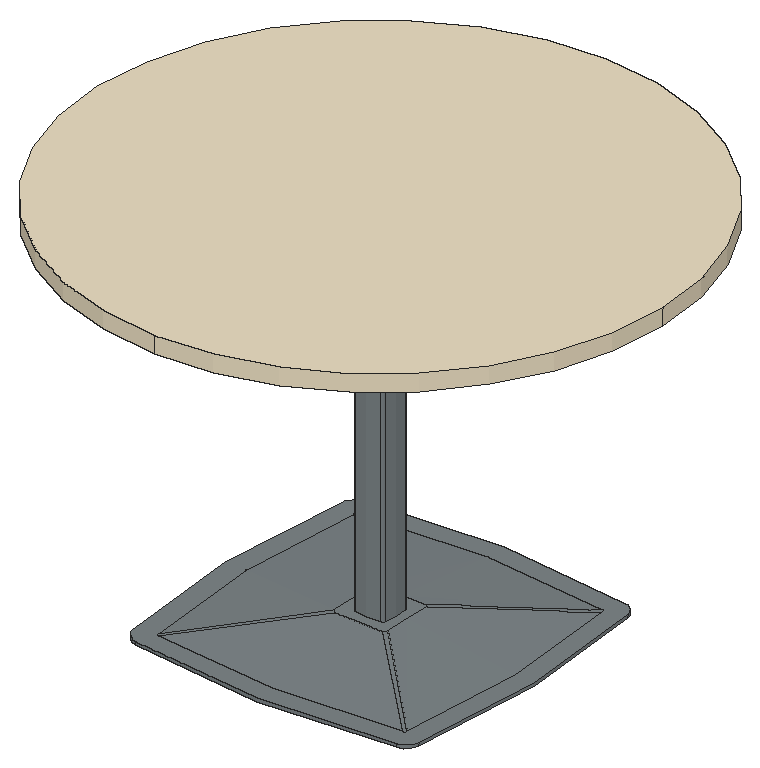
Revit family "FU_Table_Sandler_512-AX", category Furniture, Revit 2020
Family settings
  OmniClass Number = 23.40.20.00
  OmniClass Title = General Furniture and Specialties
  Work Plane-Based = No
  Always vertical = Yes
  Cut with Voids When Loaded = No
  Shared = No
  Room Calculation Point = No
Parameters (values of type "512 AX - 44" Round Top (110cm)")
  Width = 600 mm
  URL = "https://www.sandlerseating.com/product/512-ax/"
  Top Size = FU_TableTops_MT Rnd : 44" Round (110cm)
  Top Elevation = Height  # 720 mm
  Top Finish [instance] = Wood - Beech - Honey Stained
  Model = "512 AX"
  Manufacturer = "Sandler"
  Height = 720 mm
  Frame Finish [instance] = Metal - Paint -AL VR - Anthracite Grey
  Description = "Table base. Available in powdercoat painted finishes. Optional upcharge for outdoor version with galvanized-treated frame and adjustable feet.\r\nOptional upcharge for outdoor version with galvanized-treated frame and adjustable feet."
  Depth = Width  # 600 mm
  Default Elevation = 0 mm
Types (6, lengths in mm): name | Top Size | Top Finish | Frame Finish | Description
  (no name) | FU_TableTops_MT Rnd : 44" Round (110cm) | Wood - Beech - Honey Stained | Metal - Paint -AL VR - Anthracite Grey | "Table base. Available in powdercoat painted finishes. Optional upcharge for outdoor version with galvanized-treated frame and adjustable feet.\r\nOptional upcharge for outdoor version with galvanized-treated frame and adjustable feet."
  512 AX - 44" Round Top (110cm) | FU_TableTops_MT Rnd : 44" Round (110cm) | Wood - Beech - Honey Stained | Metal - Paint -AL VR - Anthracite Grey | "Table base. Available in powdercoat painted finishes. Optional upcharge for outdoor version with galvanized-treated frame and adjustable feet.\r\nOptional upcharge for outdoor version with galvanized-treated frame and adjustable feet."
  512 AX - 40" Round Top (100cm) | FU_TableTops_MT Rnd : 40" Round (100cm) | Wood - Beech - Chestnut Stained | Metal - Paint -AL VR - White Aluminium | "Table base. Available in powdercoat painted finishes. Optional upcharge for outdoor version with galvanized-treated frame and adjustable feet.\r\nOptional upcharge for outdoor version with galvanized-treated frame and adjustable feet."
  512 AX - 36" Round Top (90cm) | FU_TableTops_MT Rnd : 36" Round (90cm) | Wood - Beech - Honey Stained | Metal - Paint -AL VR - Rough Metallic Bronze | "Table base. Available in powdercoat painted finishes. Optional upcharge for outdoor version with galvanized-treated frame and adjustable feet.\r\nOptional upcharge for outdoor version with galvanized-treated frame and adjustable feet."
  512 AX - 40" Square Top (100cm) | FU_TableTops_MT Sqr : 40" Square (100cm) | Wood - Beech - Honey Stained | Metal - Paint -AL VR - Pure White | "Table base. Available in powdercoat painted finishes. Optional upcharge for outdoor version with galvanized-treated frame and adjustable feet.\r\nOptional upcharge for outdoor version with galvanized-treated frame and adjustable feet."
  512 AX - 36" Square Top (90cm) | FU_TableTops_MT Sqr : 36" Square (90cm) | Wood - Beech - Honey Stained | Metal - Paint -AL VR - Pewter | "Table base. Available in powdercoat painted finishes.\r\nOptional upcharge for outdoor version with galvanized-treated frame and adjustable feet. Optional upcharge for outdoor version with galvanized-treated frame and adjustable feet."
Reference planes
  plane 1 "Center (Front/Back)": y = 0
  plane 2: z = 0
  plane 3 "Center (Left/Right)": x = 0
  plane 4 "Right": x = -300
  plane 5 "Left": x = 300
  plane 6 "Back": y = 300
  plane 7 "Front": y = -300
  plane 8 "Height": z = 720
  plane 9 "Top Support": z = 693.5
  plane 10 "Glide Height": z = 3.5
  plane 11 "Base Base": z = 9.5
  plane 12 "Base Top": z = 33.5
  plane 13 "Pads Front": y = -258.367
  plane 14 "Pads Right": x = -258.367
  plane 15 "Pads Back": y = 258.367
  plane 16 "Pads Left": x = 258.367
Forms (mm)
  Revolve 1, solid, material "Rubber, Black"
    sketch origin (26.426, 258.367, 0) x (1, 0, 0) y (0, 0, 1)
      loop
        line (-284.687, 0) -> (-284.687, 3.5) -> (-292.687, 3.5) -> (-292.687, 2)
        arc (-292.687, 2) -> (-292.101, 0.586) -> (-290.687, 0) r 2
        line (-290.687, 0) -> (-284.687, 0)
      axis (-284.687, 3.5) -> (-284.687, 0)
    angle from 0 to 360
  Revolve 2, solid, material "Rubber, Black"
    sketch origin (-25.633, -258.367, 0) x (1, 0, 0) y (0, 0, 1)
      loop
        line (284, 0) -> (290, 0)
        arc (290, 0) -> (291.414, 0.586) -> (292, 2) r 2
        line (292, 2) -> (292, 3.5) -> (284, 3.5) -> (284, 0)
      axis (284, 3.5) -> (284, 0)
    angle from 0 to 360
  Revolve 3, solid, material "Rubber, Black"
    sketch origin (-258.367, 25.633, 0) x (0, 1, 0) y (0, 0, 1)
      loop
        line (-284, 3.5) -> (-292, 3.5) -> (-292, 2)
        arc (-292, 2) -> (-291.414, 0.586) -> (-290, 0) r 2
        line (-290, 0) -> (-284, 0) -> (-284, 3.5)
      axis (-284, 3.5) -> (-284, 0)
    angle from 0 to 360
  Revolve 4, solid, material "Rubber, Black"
    sketch origin (258.367, -25.508, 0) x (0, 1, 0) y (0, 0, 1)
      loop
        line (284, 3.5) -> (284, 0) -> (290, 0)
        arc (290, 0) -> (291.414, 0.586) -> (292, 2) r 2
        line (292, 2) -> (292, 3.5) -> (284, 3.5)
      axis (284, 3.5) -> (284, 0)
    angle from 0 to 360
  Extrusion 5, solid, material "Metal - Paint -AL VR - Anthracite Grey" <- "Frame Finish"
    sketch origin (0, 0, 3.5) x (-1, 0, 0) y (0, -1, 0)
      loop
        arc (30.081, -24.212) -> (32.517, 0.002) -> (30.081, 24.216) r 121.548
        arc (30.081, 24.216) -> (28.031, 28.034) -> (24.211, 30.081) r 7.503
        arc (24.211, 30.081) -> (-0.002, 32.5) -> (-24.216, 30.081) r 122.405
        arc (-24.216, 30.081) -> (-28.031, 28.031) -> (-30.081, 24.216) r 7.513
        arc (-30.081, 24.216) -> (-32.517, 0.002) -> (-30.081, -24.212) r 121.548
        arc (-30.081, -24.212) -> (-28.035, -28.032) -> (-24.216, -30.081) r 7.495
        arc (-24.216, -30.081) -> (-0.002, -32.5) -> (24.211, -30.081) r 122.405
        arc (24.211, -30.081) -> (28.03, -28.03) -> (30.081, -24.212) r 7.518
    from 0 to 690
  Extrusion 6, solid, material "Metal - Paint -AL VR - Anthracite Grey" <- "Frame Finish"
    sketch origin (0, 0, 720) x (-1, 0, 0) y (0, -1, 0)
      loop
        line (184, -179) -> (184, 179)
        arc (184, 179) -> (182.536, 182.536) -> (179, 184) r 5
        line (179, 184) -> (-179, 184)
        arc (-179, 184) -> (-182.536, 182.536) -> (-184, 179) r 5
        line (-184, 179) -> (-184, -179)
        arc (-184, -179) -> (-182.536, -182.536) -> (-179, -184) r 5
        line (-179, -184) -> (179, -184)
        arc (179, -184) -> (182.536, -182.536) -> (184, -179) r 5
    from 0 to -5
  Blend 7, solid, material "Metal - Paint -AL VR - Anthracite Grey" <- "Frame Finish"
    base sketch origin (0, 0, 693.5) x (-1, 0, 0) y (0, -1, 0)
      loop
        arc (140.731, 130.019) -> (137.802, 137.09) -> (130.731, 140.019) r 10
        line (130.731, 140.019) -> (-129.269, 140.019)
        arc (-129.269, 140.019) -> (-136.34, 137.09) -> (-139.269, 130.019) r 10
        line (-139.269, 130.019) -> (-139.269, -129.981)
        arc (-139.269, -129.981) -> (-136.34, -137.052) -> (-129.269, -139.981) r 10
        line (-129.269, -139.981) -> (130.731, -139.981)
        arc (130.731, -139.981) -> (137.802, -137.052) -> (140.731, -129.981) r 10
        line (140.731, -129.981) -> (140.731, 130.019)
    top sketch origin (0, 0, 693.5) x (-1, 0, 0) y (0, -1, 0)
      loop
        line (52, -45.5) -> (52, 45.524)
        arc (52, 45.524) -> (50.103, 50.103) -> (45.524, 52) r 6.476
        line (45.524, 52) -> (-45.5, 52)
        arc (-45.5, 52) -> (-50.096, 50.096) -> (-52, 45.5) r 6.5
        line (-52, 45.5) -> (-52, -45.5)
        arc (-52, -45.5) -> (-50.096, -50.096) -> (-45.5, -52) r 6.5
        line (-45.5, -52) -> (45.5, -52)
        arc (45.5, -52) -> (50.096, -50.096) -> (52, -45.5) r 6.5
    from 23.003 to 0
  Extrusion 8, void
    sketch origin (0, 0, 720) x (-1, 0, 0) y (0, -1, 0)
      loop
        circle (152.698, -152.698) r 3.599
      loop
        circle (-152.698, -152.698) r 3.599
      loop
        circle (152.699, 152.699) r 3.599
      loop
        circle (-152.717, 152.717) r 3.599
      loop
        circle (22.627, -22.627) r 3.5
      loop
        circle (-22.627, -22.627) r 3.5
      loop
        circle (22.627, 22.627) r 3.5
      loop
        circle (-22.627, 22.627) r 3.5
      loop
        circle (0, 21) r 2.5
      loop
        circle (0, 0) r 6.5
    from -26.5 to 0
  Extrusion 9, solid, material "Metal - Paint -AL VR - Anthracite Grey" <- "Frame Finish"
    sketch origin (0, 0, 3.5) x (-1, 0, 0) y (0, -1, 0)
      loop
        arc (254.009, -278.554) -> (270.192, -270.192) -> (278.554, -254.009) r 30
        arc (278.554, -254.009) -> (300, 0) -> (278.554, 254.009) r 1514.978
        arc (278.554, 254.009) -> (270.192, 270.192) -> (254.009, 278.554) r 30
        arc (254.009, 278.554) -> (0, 300) -> (-254.009, 278.554) r 1514.978
        arc (-254.009, 278.554) -> (-270.192, 270.192) -> (-278.554, 254.009) r 30
        arc (-278.554, 254.009) -> (-300, 0) -> (-278.554, -254.009) r 1514.978
        arc (-278.554, -254.009) -> (-270.192, -270.192) -> (-254.009, -278.554) r 30
        arc (-254.009, -278.554) -> (0, -300) -> (254.009, -278.554) r 1514.978
    from 0 to 6
  Blend 10, solid, material "Metal - Paint -AL VR - Anthracite Grey" <- "Frame Finish"
    base sketch origin (0, 0, 9.5) x (-1, 0, 0) y (0, -1, 0)
      loop
        arc (237.616, -242.121) -> (240.594, -240.594) -> (242.121, -237.616) r 5.457
        arc (242.121, -237.616) -> (261.424, 0) -> (242.121, 237.616) r 1472.152
        arc (242.121, 237.616) -> (240.594, 240.594) -> (237.616, 242.121) r 5.457
        arc (237.616, 242.121) -> (0, 261.424) -> (-237.616, 242.121) r 1472.152
        arc (-237.616, 242.121) -> (-240.594, 240.594) -> (-242.121, 237.616) r 5.457
        arc (-242.121, 237.616) -> (-261.424, 0) -> (-242.121, -237.616) r 1472.152
        arc (-242.121, -237.616) -> (-240.594, -240.594) -> (-237.616, -242.121) r 5.457
        arc (-237.616, -242.121) -> (0, -261.424) -> (237.616, -242.121) r 1472.152
    top sketch origin (0, 0, 9.5) x (-1, 0, 0) y (0, -1, 0)
      loop
        arc (47.484, -52.517) -> (51.02, -51.052) -> (52.484, -47.517) r 5
        line (52.484, -47.517) -> (52.484, 47.483)
        arc (52.484, 47.483) -> (51.02, 51.019) -> (47.484, 52.483) r 5
        line (47.484, 52.483) -> (-47.516, 52.483)
        arc (-47.516, 52.483) -> (-51.051, 51.019) -> (-52.516, 47.483) r 5
        line (-52.516, 47.483) -> (-52.516, -47.517)
        arc (-52.516, -47.517) -> (-51.051, -51.052) -> (-47.516, -52.517) r 5
        line (-47.516, -52.517) -> (47.484, -52.517)
    from 0 to 24
Cuts and joins
  Extrusion 8 cuts Extrusion 6
  Extrusion 8 cuts Blend 7
Dimensions and locks
  equal spacing: plane 4 "Right", plane 3 "Center (Left/Right)", plane 5 "Left"
  "Width": plane 4 "Right" to plane 5 "Left"
  equal spacing: plane 6 "Back", plane 1 "Center (Front/Back)", plane 7 "Front"
  "Depth": plane 6 "Back" to plane 7 "Front"
  "Height": plane 8 "Height" to level
  locked: plane 8 "Height" to plane 9 "Top Support" at 26.5
  locked: plane 13 "Pads Front" to plane 7 "Front" at 41.633
  locked: plane 4 "Right" to plane 14 "Pads Right" at 41.633
  locked: plane 6 "Back" to plane 15 "Pads Back" at 41.633
  locked: plane 16 "Pads Left" to plane 5 "Left" at 41.633
  aligned and locked: level to plane 2
  aligned and locked: Extrusion 5 to plane 10 "Glide Height"
  aligned and locked: plane 9 "Top Support" to Extrusion 5
  aligned and locked: Blend 7 to plane 9 "Top Support"
  aligned and locked: plane 9 "Top Support" to Blend 7  (x4)
  aligned and locked: Extrusion 8 to plane 9 "Top Support"
  aligned and locked: plane 8 "Height" to Extrusion 8
Automatic sketch dimensions
  plane 1 "Center (Front/Back)" to Extrusion 5 sketch curve = 0.002 mm  (x2)
  plane 3 "Center (Left/Right)" to Extrusion 5 sketch curve = 89.031 mm
  plane 3 "Center (Left/Right)" to Extrusion 5 sketch curve = 22.733 mm
  plane 3 "Center (Left/Right)" to Extrusion 5 sketch curve = 22.719 mm
  plane 3 "Center (Left/Right)" to Extrusion 5 sketch curve = 0.002 mm  (x2)
  Extrusion 5 sketch curve to plane 3 "Center (Left/Right)" = 22.714 mm
  Extrusion 5 sketch curve to plane 3 "Center (Left/Right)" = 22.727 mm
  Extrusion 5 sketch curve to plane 1 "Center (Front/Back)" = 22.714 mm
  Extrusion 5 sketch curve to plane 1 "Center (Front/Back)" = 22.734 mm
  plane 1 "Center (Front/Back)" to Extrusion 5 sketch curve = 22.719 mm
  plane 1 "Center (Front/Back)" to Extrusion 5 sketch curve = 22.726 mm
  Extrusion 5 sketch curve to Extrusion 5 sketch curve = 67.179 mm
  Extrusion 5 sketch curve to Extrusion 5 sketch curve = 7.362 mm
  Extrusion 5 sketch curve to Extrusion 5 sketch curve = 0 mm  (x4)
  Extrusion 5 sketch curve to Extrusion 5 sketch curve = 7.348 mm
  Extrusion 5 sketch curve to Extrusion 5 sketch curve = 1.497 mm
  Extrusion 5 sketch curve to Extrusion 5 sketch curve = 1.484 mm
  Extrusion 5 sketch curve to Extrusion 5 sketch curve = 1.498 mm
  Extrusion 5 sketch curve to Extrusion 5 sketch curve = 7.354 mm
  plane 3 "Center (Left/Right)" to Blend 7 sketch curve = 52 mm
  Blend 7 sketch curve to Blend 7 sketch curve = 6.5 mm  (x2)
  Blend 7 sketch curve to plane 3 "Center (Left/Right)" = 45.5 mm
  Blend 7 sketch curve to plane 3 "Center (Left/Right)" = 45.524 mm
  Blend 7 sketch curve to Blend 7 sketch curve = 6.476 mm
  Blend 7 sketch curve to plane 1 "Center (Front/Back)" = 52 mm
  plane 1 "Center (Front/Back)" to Blend 7 sketch curve = 45.5 mm
  Extrusion 8 sketch curve to plane 3 "Center (Left/Right)" = 0 mm  (x2)
  plane 1 "Center (Front/Back)" to Extrusion 8 sketch curve = 0 mm
  plane 3 "Center (Left/Right)" to Extrusion 8 sketch curve = 22.627 mm  (x2)
  Extrusion 8 sketch curve to plane 3 "Center (Left/Right)" = 22.627 mm  (x2)
  Extrusion 8 sketch curve to plane 1 "Center (Front/Back)" = 22.627 mm  (x2)
  plane 1 "Center (Front/Back)" to Extrusion 8 sketch curve = 21 mm
  plane 1 "Center (Front/Back)" to Extrusion 8 sketch curve = 22.627 mm  (x2)
  plane 7 "Front" to Extrusion 8 sketch curve = 147.301 mm
  plane 7 "Front" to Extrusion 8 sketch curve = 147.283 mm
  Extrusion 8 sketch curve to plane 4 "Right" = 147.302 mm
  Extrusion 8 sketch curve to plane 4 "Right" = 147.301 mm
  plane 5 "Left" to Extrusion 8 sketch curve = 147.283 mm
  plane 5 "Left" to Extrusion 8 sketch curve = 147.302 mm
  Extrusion 8 sketch curve to plane 6 "Back" = 147.302 mm  (x2)
  Revolve 1 sketch curve to plane 10 "Glide Height" = 0 mm
  Revolve 1 sketch curve to level = 0 mm
  plane 10 "Glide Height" to Revolve 1 sketch curve = 1.5 mm
  plane 4 "Right" to Revolve 1 sketch curve = 33.739 mm
  Revolve 1 sketch curve to Revolve 1 sketch curve = 6 mm
  Revolve 1 sketch curve to Revolve 1 sketch curve = 0 mm
  level to Revolve 1 sketch curve = 10.049 mm
  plane 11 "Base Base" to Revolve 1 sketch curve = 2.095 mm
  Revolve 4 sketch curve to plane 10 "Glide Height" = 0 mm
  Revolve 4 sketch curve to level = 0 mm
  plane 6 "Back" to Revolve 4 sketch curve = 41.508 mm
  plane 10 "Glide Height" to Revolve 4 sketch curve = 1.5 mm
  Revolve 4 sketch curve to Revolve 4 sketch curve = 6 mm
  plane 11 "Base Base" to Revolve 4 sketch curve = 1.201 mm
  Revolve 4 sketch curve to Revolve 4 sketch curve = 0 mm
  level to Revolve 4 sketch curve = 5.787 mm
  Revolve 3 sketch curve to plane 10 "Glide Height" = 0 mm
  Revolve 3 sketch curve to level = 0 mm
  plane 7 "Front" to Revolve 3 sketch curve = 33.633 mm
  Revolve 3 sketch curve to Revolve 3 sketch curve = 2 mm
  Revolve 3 sketch curve to Revolve 3 sketch curve = 6 mm
  Revolve 3 sketch curve to plane 11 "Base Base" = 1.201 mm
  Revolve 3 sketch curve to Revolve 3 sketch curve = 0 mm
  Revolve 3 sketch curve to level = 5.787 mm
  Revolve 2 sketch curve to level = 0 mm
  Revolve 2 sketch curve to plane 10 "Glide Height" = 0 mm
  plane 5 "Left" to Revolve 2 sketch curve = 41.633 mm
  Revolve 2 sketch curve to plane 10 "Glide Height" = 1.5 mm
  Revolve 2 sketch curve to Revolve 2 sketch curve = 6 mm
  Revolve 2 sketch curve to Revolve 2 sketch curve = 0 mm
  Revolve 2 sketch curve to level = 10.049 mm
  Revolve 2 sketch curve to plane 11 "Base Base" = 2.095 mm
  plane 1 "Center (Front/Back)" to Extrusion 9 sketch curve = 0 mm  (x2)
  Extrusion 9 sketch curve to plane 3 "Center (Left/Right)" = 0 mm  (x2)
  plane 16 "Pads Left" to Extrusion 9 sketch curve = 9.388 mm  (x2)
  Extrusion 9 sketch curve to plane 5 "Left" = 914.978 mm
  plane 14 "Pads Right" to Extrusion 9 sketch curve = 9.388 mm  (x2)
  plane 4 "Right" to Extrusion 9 sketch curve = 914.978 mm
  Extrusion 9 sketch curve to plane 15 "Pads Back" = 9.388 mm  (x2)
  plane 6 "Back" to Extrusion 9 sketch curve = 914.978 mm
  Extrusion 9 sketch curve to plane 13 "Pads Front" = 9.388 mm  (x2)
  Extrusion 9 sketch curve to plane 7 "Front" = 914.978 mm
  plane 16 "Pads Left" to Extrusion 9 sketch curve = 4.358 mm  (x2)
  Extrusion 9 sketch curve to Extrusion 9 sketch curve = 0 mm  (x6)
  plane 1 "Center (Front/Back)" to Blend 10 sketch curve = 0 mm  (x2)
  Blend 10 sketch curve to plane 3 "Center (Left/Right)" = 0 mm  (x2)
  plane 16 "Pads Left" to Blend 10 sketch curve = 21.632 mm  (x2)
  Blend 10 sketch curve to plane 5 "Left" = 910.728 mm
  plane 14 "Pads Right" to Blend 10 sketch curve = 21.632 mm  (x2)
  plane 4 "Right" to Blend 10 sketch curve = 910.728 mm
  Blend 10 sketch curve to plane 15 "Pads Back" = 21.632 mm  (x2)
  plane 6 "Back" to Blend 10 sketch curve = 910.728 mm
  Blend 10 sketch curve to plane 13 "Pads Front" = 21.632 mm  (x2)
  Blend 10 sketch curve to plane 7 "Front" = 910.728 mm
  Blend 10 sketch curve to Blend 10 sketch curve = 0.881 mm  (x2)
  Blend 10 sketch curve to Blend 10 sketch curve = 0 mm  (x6)
  plane 3 "Center (Left/Right)" to Blend 10 sketch curve = 52.516 mm
  Blend 10 sketch curve to Blend 10 sketch curve = 5 mm  (x3)
  Blend 10 sketch curve to plane 3 "Center (Left/Right)" = 47.484 mm  (x2)
  Blend 10 sketch curve to plane 1 "Center (Front/Back)" = 52.517 mm
  plane 1 "Center (Front/Back)" to Blend 10 sketch curve = 47.483 mm
  plane 16 "Pads Left" to Extrusion 6 sketch curve = 74.367 mm
  Extrusion 6 sketch curve to Extrusion 6 sketch curve = 5 mm  (x3)
  plane 14 "Pads Right" to Extrusion 6 sketch curve = 79.367 mm  (x2)
  Extrusion 6 sketch curve to plane 15 "Pads Back" = 74.367 mm
  Extrusion 6 sketch curve to plane 13 "Pads Front" = 79.367 mm
  plane 16 "Pads Left" to Blend 7 sketch curve = 119.098 mm
  Blend 7 sketch curve to Blend 7 sketch curve = 10 mm  (x3)
  plane 14 "Pads Right" to Blend 7 sketch curve = 127.636 mm  (x2)
  Blend 7 sketch curve to plane 15 "Pads Back" = 118.386 mm
  Blend 7 sketch curve to plane 13 "Pads Front" = 128.348 mm
  radius of Extrusion 8 sketch curve = 3.599 mm  (x4)
  radius of Extrusion 8 sketch curve = 3.5 mm  (x4)
  radius of Extrusion 8 sketch curve = 2.5 mm
  radius of Extrusion 8 sketch curve = 6.5 mm
Nested families
  nested 1: "FU_TableTops_MT Rnd" at (0, 0, 0), Top Elevation <- "Top Elevation", type <- "Top Size", type "44" Round (110cm)"
    with Top Finish Wood - Beech - Honey Stained, Top Elevation 720 mm
Definition of nested family "FU_TableTops_MT Rnd"
  Parameters (values of type "44" Round (110cm)")
    Width = 1100 mm
    Top Finish [instance] = none
    Top Elevation [instance] = 1100 mm
    Depth = Width  # 1100 mm
    Default Elevation = 0 mm
  Types (6, lengths in mm): name | Width | Depth
    24" Round (60cm) | 600 | 600
    28" Round (70cm) | 700 | 700
    32" Round (80cm) | 800 | 800
    36" Round (90cm) | 900 | 900
    40" Round (100cm) | 1000 | 1000
    44" Round (110cm) | 1100 | 1100
  Reference planes
    plane 1 "Center (Front/Back)": y = 0
    plane 2: z = 0
    plane 3 "Center (Left/Right)": x = 0
    plane 4 "Right": x = -550
    plane 5 "Left": x = 550
    plane 6 "Back": y = 550
    plane 7 "Front": y = -550
    plane 8 "Elevation": z = 1100
    plane 9 "Top Height": z = 1131.75
  Forms (mm)
    Extrusion 1, solid, material <- "Top Finish"
      sketch origin (0, 0, 1100) x (-1, 0, 0) y (0, -1, 0)
        loop
          arc (0, -550) -> (388.909, -388.909) -> (550, 0) r 550
          arc (550, 0) -> (388.909, 388.909) -> (0, 550) r 550
          arc (0, 550) -> (-388.909, 388.909) -> (-550, 0) r 550
          arc (-550, 0) -> (-388.909, -388.909) -> (0, -550) r 550
      from 0 to 31.75
  Dimensions and locks
    equal spacing: plane 4 "Right", plane 3 "Center (Left/Right)", plane 5 "Left"
    "Width": plane 4 "Right" to plane 5 "Left"
    equal spacing: plane 6 "Back", plane 1 "Center (Front/Back)", plane 7 "Front"
    "Depth": plane 6 "Back" to plane 7 "Front"
    "Top Elevation": plane 8 "Elevation" to level
    locked: plane 9 "Top Height" to plane 8 "Elevation" at 31.75
    aligned and locked: level to plane 2
    aligned and locked: plane 9 "Top Height" to Extrusion 1
  Automatic sketch dimensions
    Extrusion 1 sketch curve to Extrusion 1 sketch curve = 0 mm  (x7)
    plane 1 "Center (Front/Back)" to Extrusion 1 sketch curve = 0 mm  (x2)
    Extrusion 1 sketch curve to plane 5 "Left" = 0 mm
    Extrusion 1 sketch curve to plane 3 "Center (Left/Right)" = 0 mm  (x3)
    Extrusion 1 sketch curve to plane 6 "Back" = 0 mm
